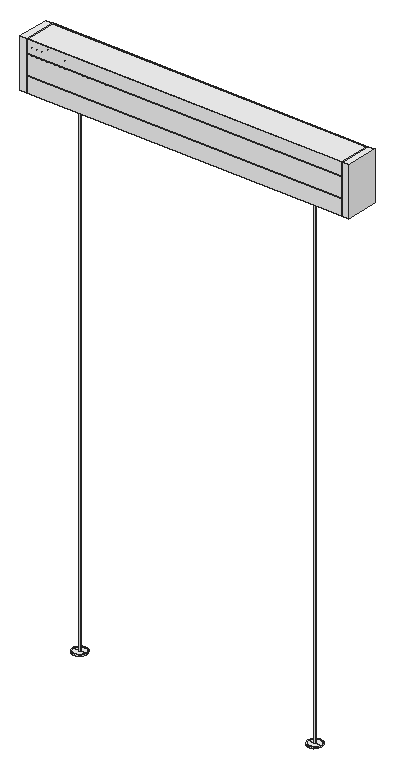
Revit family "2.3 inch  MAGIC WALL WASH LINEAR LIGHT", category Lighting Fixtures, host Face, Revit 2020 (continued)
Types (17): name | Wattage Comments | Wattage | Wall Mount | Suspenders Distance | Surface Mount | Recessed Mount | Photometric Web File | Pendent Mount | Order number | built-in parameter 1150142 | Model | built-in parameter 1150105 | Lumens | Light Source Height | Light Source Distance | built-in parameter 1150106 | Fixture Length
  MAG1223-SW1-WM-WID-FDL | "20W/30W/40W" | 30.9677 W | yes | 3' - 5" | no | no | "MAG1223_SW1_FDL_DOWN100_4000K_wall_wash.IES" | no | "18368" | "IESNA:LM-63-2002\r\n[TEST] 1\r\n[TESTLAB] EVERFINE\r\n[TESTDATE] 2024-04-01\r\n[ISSUEDATE] 2024-04-01 13:34:23\r\n[NEARFIELD] \r\n[LAMPPOSITION] 0,0\r\n[OTHER] EVERFINE GO-2000B_V1 SYSTEM\r\n[MANUFAC] Aboveall lighting\r\n[LUMINAIRE] MAG1223-SW1-FDL DOWN100 4000K wall wash\r\n[OTHER] \r\n[OTHER] Gamma(deg)    Fz(lm)      Ft(lm)     %Lum    %Lamp\r\n[OTHER]   0- 10       167.95      167.95     3.72     3.72\r\n[OTHER]  10- 20       474.91      642.86    14.25    14.25\r\n[OTHER]  20- 30       707.42     1350.28    29.93    29.93\r\n[OTHER]  30- 40       842.39     2192.67    48.60    48.60\r\n[OTHER]  40- 50       840.60     3033.27    67.23    67.23\r\n[OTHER]  50- 60       688.20     3721.47    82.49    82.49\r\n[OTHER]  60- 70       459.05     4180.52    92.66    92.66\r\n[OTHER]  70- 80       234.51     4415.03    97.86    97.86\r\n[OTHER]  80- 90        72.72     4487.75    99.47    99.47\r\n[OTHER]  90-100         5.55     4493.30    99.59    99.59\r\n[OTHER] 100-110         3.22     4496.51    99.66    99.66\r\n[OTHER] 110-120         3.24     4499.76    99.74    99.74\r\n[OTHER] 120-130         3.07     4502.83    99.80    99.80\r\n[OTHER] 130-140         2.88     4505.71    99.87    99.87\r\n[OTHER] 140-150         2.49     4508.20    99.92    99.92\r\n[OTHER] 150-160         1.88     4510.09    99.97    99.97\r\n[OTHER] 160-170         1.17     4511.25    99.99    99.99\r\n[OTHER] 170-180         0.39     4511.65   100.00   100.00\r\n[OTHER] \r\nTILT=NONE\r\n1 -1 1 361 73 1 2 0.060 1.200 0.000\r\n1.000 1 40.2\r\n0.0    0.5    1.0    1.5    2.0    2.5    3.0    3.5    4.0    4.5    \r\n 5.0    5.5    6.0    6.5    7.0    7.5    8.0    8.5    9.0    9.5    \r\n 10.0   10.5   11.0   11.5   12.0   12.5   13.0   13.5   14.0   14.5   \r\n 15.0   15.5   16.0   16.5   17.0   17.5   18.0   18.5   19.0   19.5   \r\n 20.0   20.5   21.0   21.5   22.0   22.5   23.0   23.5   24.0   24.5   \r\n 25.0   25.5   26.0   26.5   27.0   27.5   28.0   28.5   29.0   29.5   \r\n 30.0   30.5   31.0   31.5   32.0   32.5   33.0   33.5   34.0   34.5   \r\n 35.0   35.5   36.0   36.5   37.0   37.5   38.0   38.5   39.0   39.5   \r\n 40.0   40.5   41.0   41.5   42.0   42.5   43.0   43.5   44.0   44.5   \r\n 45.0   45.5   46.0   46.5   47.0   47.5   48.0   48.5   49.0   49.5   \r\n 50.0   50.5   51.0   51.5   52.0   52.5   53.0   53.5   54.0   54.5   \r\n 55.0   55.5   56.0   56.5   57.0   57.5   58.0   58.5   59.0   59.5   \r\n 60.0   60.5   61.0   61.5   62.0   62.5   63.0   63.5   64.0   64.5   \r\n 65.0   65.5   66.0   66.5   67.0   67.5   68.0   68.5   69.0   69.5   \r\n 70.0   70.5   71.0   71.5   72.0   72.5   73.0   73.5   74.0   74.5   \r\n 75.0   75.5   76.0   76.5   77.0   77.5   78.0   78.5   79.0   79.5   \r\n 80.0   80.5   81.0   81.5   82.0   82.5   83.0   83.5   84.0   84.5   \r\n 85.0   85.5   86.0   86.5   87.0   87.5   88.0   88.5   89.0   89.5   \r\n 90.0   90.5   91.0   91.5   92.0   92.5   93.0   93.5   94.0   94.5   \r\n 95.0   95.5   96.0   96.5   97.0   97.5   98.0   98.5   99.0   99.5   \r\n 100.0  100.5  101.0  101.5  102.0  102.5  103.0  103.5  104.0  104.5  \r\n 105.0  105.5  106.0  106.5  107.0  107.5  108.0  108.5  109.0  109.5  \r\n 110.0  110.5  111.0  111.5  112.0  112.5  113.0  113.5  114.0  114.5  \r\n 115.0  115.5  116.0  116.5  117.0  117.5  118.0  118.5  119.0  119.5  \r\n 120.0  120.5  121.0  121.5  122.0  122.5  123.0  123.5  124.0  124.5  \r\n 125.0  125.5  126.0  126.5  127.0  127.5  128.0  128.5  129.0  129.5  \r\n 130.0  130.5  131.0  131.5  132.0  132.5  133.0  133.5  134.0  134.5  \r\n 135.0  135.5  136.0  136.5  137.0  137.5  138.0  138.5  139.0  139.5  \r\n 140.0  140.5  141.0  141.5  142.0  142.5  143.0  143.5  144.0  144.5  \r\n 145.0  145.5  146.0  146.5  147.0  147.5  148.0  148.5  149.0  149.5  \r\n 150.0  150.5  151.0  151.5  152.0  152.5  153.0  153.5  154.0  154.5  \r\n 155.0  155.5  156.0  156.5  157.0  157.5  158.0  158.5  159.0  159.5  \r\n 160.0  160.5  161.0  161.5  162.0  162.5  163.0  163.5  164.0  164.5  \r\n 165.0  165.5  166.0  166.5  167.0  167.5  168.0  168.5  169.0  169.5  \r\n 170.0  170.5  171.0  171.5  172.0  172.5  173.0  173.5  174.0  174.5  \r\n 175.0  175.5  176.0  176.5  177.0  177.5  178.0  178.5  179.0  179.5  \r\n 180.0  \r\n0.0    5.0    10.0   15.0   20.0   25.0   30.0   35.0   40.0   45.0   \r\n 50.0   55.0   60.0   65.0   70.0   75.0   80.0   85.0   90.0   95.0   \r\n 100.0  105.0  110.0  115.0  120.0  125.0  130.0  135.0  140.0  145.0  \r\n 150.0  155.0  160.0  165.0  170.0  175.0  180.0  185.0  190.0  195.0  \r\n 200.0  205.0  210.0  215.0  220.0  225.0  230.0  235.0  240.0  245.0  \r\n 250.0  255.0  260.0  265.0  270.0  275.0  280.0  285.0  290.0  295.0  \r\n 300.0  305.0  310.0  315.0  320.0  325.0  330.0  335.0  340.0  345.0  \r\n 350.0  355.0  360.0  \r\n1793.11  1790.13  1787.15  1784.17  1781.19  1778.20  1775.22  1772.24  1769.26  1766.28  \r\n 1763.30  1760.32  1757.34  1754.36  1751.38  1748.40  1745.42  1742.44  1739.46  1736.48  \r\n 1733.49  1730.51  1727.53  1724.55  1721.57  1718.59  1715.61  1712.63  1709.65  1706.67  \r\n 1703.69  1695.24  1686.79  1678.34  1669.89  1661.44  1652.99  1644.54  1636.08  1627.63  \r\n 1619.18  1610.73  1602.28  1593.83  1585.38  1576.93  1568.48  1560.03  1551.58  1543.13  \r\n 1534.68  1526.23  1517.78  1509.33  1500.88  1492.43  1483.98  1475.53  1467.08  1458.63  \r\n 1450.18  1437.66  1425.14  1412.62  1400.10  1387.59  1375.07  1362.55  1350.03  1337.51  \r\n 1324.99  1312.47  1299.96  1287.44  1274.92  1262.40  1249.88  1237.36  1224.85  1212.33  \r\n 1199.81  1187.29  1174.77  1162.25  1149.73  1137.22  1124.70  1112.18  1099.66  1087.14  \r\n 1074.62  1059.58  1044.53  1029.48  1014.43  999.38   984.34   969.29   954.24   939.19   \r\n 924.15   909.10   894.05   879.00   863.95   848.91   833.86   818.81   803.76   788.72   \r\n 773.67   758.62   743.57   728.52   713.48   698.43   683.38   668.33   653.28   638.24   \r\n 623.19   610.10   597.01   583.92   570.83   557.75   544.66   531.57   518.48   505.39   \r\n 492.30   479.21   466.12   453.03   439.95   426.86   413.77   400.68   387.59   374.50   \r\n 361.41   348.32   335.24   322.15   309.06   295.97   282.88   269.79   256.70   243.61   \r\n 230.53   222.94   215.36   207.77   200.19   192.60   185.02   177.43   169.85   162.26   \r\n 154.68   147.09   139.51   131.92   124.34   116.75   109.17   101.58   94.00    86.41    \r\n 78.83    71.24    63.66    56.07    48.49    40.91    33.32    25.74    18.15    10.57    \r\n 2.98     2.99     3.01     3.02     3.03     3.04     3.06     3.07     3.08     3.09     \r\n 3.11     3.12     3.13     3.14     3.16     3.17     3.18     3.19     3.21     3.22     \r\n 3.23     3.24     3.26     3.27     3.28     3.29     3.31     3.32     3.33     3.34     \r\n 3.36     3.40     3.44     3.47     3.51     3.55     3.59     3.63     3.67     3.71     \r\n 3.75     3.79     3.83     3.87     3.91     3.95     3.99     4.03     4.06     4.10     \r\n 4.14     4.18     4.22     4.26     4.30     4.34     4.38     4.42     4.46     4.50     \r\n 4.54     4.56     4.58     4.60     4.62     4.64     4.66     4.69     4.71     4.73     \r\n 4.75     4.77     4.79     4.81     4.83     4.86     4.88     4.90     4.92     4.94     \r\n 4.96     4.98     5.00     5.03     5.05     5.07     5.09     5.11     5.13     5.15     \r\n 5.17     5.16     5.16     5.15     5.14     5.13     5.12     5.11     5.10     5.10     \r\n 5.09     5.08     5.07     5.06     5.05     5.04     5.04     5.03     5.02     5.01     \r\n 5.00     4.99     4.98     4.97     4.97     4.96     4.95     4.94     4.93     4.92     \r\n 4.91     4.90     4.88     4.86     4.84     4.83     4.81     4.79     4.77     4.76     \r\n 4.74     4.72     4.70     4.69     4.67     4.65     4.63     4.62     4.60     4.58     \r\n 4.56     4.55     4.53     4.51     4.49     4.48     4.46     4.44     4.42     4.41     \r\n 4.39     4.39     4.38     4.38     4.37     4.37     4.36     4.36     4.36     4.35     \r\n 4.35     4.34     4.34     4.33     4.33     4.33     4.32     4.32     4.31     4.31     \r\n 4.30     4.30     4.30     4.29     4.29     4.28     4.28     4.27     4.27     4.27     \r\n 4.26     \r\n1793.11  1791.39  1789.66  1787.93  1786.20  1784.45  1782.71  1780.96  1779.20  1777.43  \r\n 1775.67  1773.89  1772.11  1770.32  1768.53  1766.73  1764.92  1763.11  1761.29  1759.47  \r\n 1757.63  1755.79  1753.95  1752.09  1750.19  1748.29  1746.38  1744.46  1742.55  1740.63  \r\n 1738.71  1731.96  1724.60  1717.23  1709.85  1702.45  1695.04  1687.61  1680.17  1672.71  \r\n 1665.24  1657.76  1650.26  1642.75  1635.22  1627.68  1620.12  1612.55  1605.00  1597.45  \r\n 1589.90  1582.34  1574.78  1567.22  1559.65  1552.08  1544.51  1536.93  1529.35  1521.76  \r\n 1514.17  1503.03  1491.05  1479.05  1467.03  1454.98  1442.93  1430.85  1418.75  1406.63  \r\n 1394.50  1382.35  1370.17  1357.98  1345.76  1333.48  1321.18  1308.87  1296.55  1284.23  \r\n 1271.89  1259.54  1247.18  1234.81  1222.43  1210.04  1197.64  1185.22  1172.80  1160.37  \r\n 1147.92  1133.26  1117.95  1102.63  1087.29  1071.93  1056.55  1041.16  1025.74  1010.31  \r\n 994.86   979.39   963.90   948.39   932.87   917.33   901.77   886.18   870.55   854.90   \r\n 839.23   823.55   807.85   792.13   776.39   760.64   744.86   729.08   713.27   697.45   \r\n 681.61   667.20   653.12   639.02   624.90   610.77   596.63   582.47   568.31   554.13   \r\n 539.93   525.73   511.51   497.28   483.04   468.79   454.52   440.25   425.96   411.67   \r\n 397.36   383.05   368.72   354.39   340.04   325.69   311.33   296.96   282.58   268.20   \r\n 253.80   244.91   236.69   228.46   220.23   211.99   203.75   195.50   187.25   179.00   \r\n 170.74   162.48   154.21   145.95   137.68   129.40   121.13   112.85   104.57   96.28    \r\n 88.00    79.71    71.42    63.13    54.84    46.55    38.26    29.96    21.67    13.37    \r\n 5.07     5.02     4.97     4.92     4.87     4.82     4.77     4.72     4.67     4.61     \r\n 4.56     4.51     4.46     4.41     4.35     4.30     4.25     4.20     4.15     4.10     \r\n 4.04     3.99     3.94     3.89     3.84     3.79     3.74     3.69     3.64     3.59     \r\n 3.54     3.58     3.61     3.64     3.67     3.70     3.73     3.77     3.80     3.83     \r\n 3.86     3.90     3.93     3.96     3.99     4.02     4.06     4.09     4.12     4.15     \r\n 4.19     4.22     4.25     4.29     4.32     4.35     4.39     4.42     4.45     4.49     \r\n 4.52     4.53     4.54     4.55     4.56     4.57     4.59     4.60     4.61     4.62     \r\n 4.64     4.65     4.66     4.67     4.69     4.70     4.72     4.73     4.75     4.76     \r\n 4.77     4.79     4.80     4.82     4.83     4.85     4.86     4.88     4.90     4.91     \r\n 4.92     4.91     4.90     4.88     4.87     4.86     4.85     4.84     4.82     4.81     \r\n 4.80     4.79     4.78     4.77     4.75     4.74     4.73     4.72     4.71     4.70     \r\n 4.69     4.68     4.67     4.66     4.65     4.64     4.63     4.62     4.61     4.60     \r\n 4.59     4.57     4.56     4.54     4.53     4.51     4.50     4.49     4.47     4.46     \r\n 4.44     4.43     4.41     4.40     4.39     4.37     4.36     4.35     4.34     4.33     \r\n 4.31     4.30     4.29     4.28     4.27     4.26     4.25     4.24     4.23     4.22     \r\n 4.21     4.21     4.21     4.21     4.22     4.22     4.22     4.22     4.22     4.23     \r\n 4.23     4.23     4.23     4.23     4.23     4.23     4.24     4.24     4.24     4.24     \r\n 4.24     4.24     4.25     4.25     4.25     4.25     4.25     4.26     4.26     4.26     \r\n 4.26     \r\n1793.11  1792.66  1792.20  1791.74  1791.26  1790.77  1790.27  1789.76  1789.24  1788.71  \r\n 1788.17  1787.61  1786.98  1786.26  1785.54  1784.81  1784.08  1783.35  1782.62  1781.88  \r\n 1781.13  1780.39  1779.63  1778.87  1778.00  1777.11  1776.20  1775.29  1774.38  1773.46  \r\n 1772.54  1768.57  1762.20  1755.82  1749.44  1743.05  1736.55  1730.02  1723.48  1716.91  \r\n 1710.33  1703.74  1697.12  1690.49  1683.83  1677.16  1670.48  1663.77  1656.99  1650.17  \r\n 1643.32  1636.45  1629.56  1622.64  1615.71  1608.75  1601.77  1594.77  1587.74  1580.70  \r\n 1573.63  1565.48  1553.96  1542.40  1530.83  1519.22  1507.60  1495.94  1484.27  1472.56  \r\n 1460.84  1449.08  1437.30  1425.50  1413.67  1401.76  1389.82  1377.86  1365.87  1353.86  \r\n 1341.83  1329.77  1317.69  1305.59  1293.46  1281.31  1269.14  1256.95  1244.73  1232.48  \r\n 1220.21  1207.51  1191.88  1176.22  1160.53  1144.79  1129.02  1113.21  1097.37  1081.49  \r\n 1065.58  1049.63  1033.64  1017.62  1001.57  985.48   969.36   953.21   937.02   920.81   \r\n 904.57   888.31   872.02   855.71   839.36   823.00   806.60   790.19   773.74   757.28   \r\n 740.79   724.65   709.65   694.62   679.56   664.45   649.32   634.14   618.94   603.68   \r\n 588.37   573.02   557.65   542.25   526.82   511.36   495.87   480.36   464.82   449.26   \r\n 433.67   418.06   402.43   386.77   371.09   355.39   339.67   323.93   308.17   292.40   \r\n 276.60   264.74   255.91   247.09   238.26   229.42   220.58   211.74   202.90   194.05   \r\n 185.20   176.34   167.49   158.63   149.77   140.90   132.04   123.17   114.30   105.43   \r\n 96.56    87.68    78.80    69.93    61.05    52.17    43.28    34.40    25.52    16.63    \r\n 7.75     7.61     7.47     7.33     7.20     7.06     6.92     6.78     6.64     6.50     \r\n 6.36     6.22     6.08     5.94     5.80     5.66     5.52     5.38     5.24     5.10     \r\n 4.96     4.83     4.69     4.55     4.42     4.28     4.15     4.01     3.88     3.75     \r\n 3.69     3.72     3.76     3.79     3.83     3.87     3.90     3.94     3.97     4.01     \r\n 4.04     4.08     4.11     4.15     4.18     4.22     4.25     4.29     4.32     4.35     \r\n 4.39     4.42     4.46     4.49     4.53     4.56     4.60     4.63     4.67     4.70     \r\n 4.71     4.72     4.72     4.73     4.73     4.73     4.74     4.74     4.75     4.75     \r\n 4.76     4.76     4.76     4.77     4.77     4.78     4.78     4.78     4.79     4.79     \r\n 4.80     4.80     4.81     4.81     4.81     4.82     4.82     4.83     4.84     4.84     \r\n 4.82     4.81     4.79     4.77     4.75     4.73     4.71     4.70     4.68     4.66     \r\n 4.65     4.63     4.62     4.60     4.59     4.57     4.56     4.54     4.53     4.52     \r\n 4.50     4.49     4.48     4.47     4.46     4.45     4.43     4.42     4.41     4.40     \r\n 4.39     4.38     4.36     4.35     4.34     4.33     4.31     4.30     4.29     4.28     \r\n 4.26     4.25     4.24     4.23     4.21     4.20     4.19     4.18     4.16     4.15     \r\n 4.14     4.13     4.12     4.11     4.09     4.08     4.07     4.06     4.05     4.04     \r\n 4.04     4.05     4.05     4.06     4.06     4.06     4.07     4.07     4.08     4.09     \r\n 4.10     4.11     4.12     4.13     4.13     4.14     4.15     4.16     4.17     4.17     \r\n 4.18     4.19     4.20     4.20     4.21     4.22     4.23     4.24     4.24     4.25     \r\n 4.26     \r\n1793.11  1793.94  1794.75  1795.55  1796.34  1797.11  1797.86  1798.60  1799.26  1799.73  \r\n 1800.19  1800.65  1801.11  1801.56  1802.01  1802.45  1802.79  1803.02  1803.25  1803.47  \r\n 1803.68  1803.89  1804.10  1804.30  1804.39  1804.43  1804.47  1804.51  1804.54  1804.57  \r\n 1804.60  1804.62  1799.20  1793.68  1788.13  1782.55  1776.93  1771.29  1765.62  1759.91  \r\n 1754.07  1748.15  1742.21  1736.26  1730.29  1724.29  1718.28  1712.25  1706.16  1699.97  \r\n 1693.76  1687.53  1681.28  1675.01  1668.72  1662.41  1656.09  1649.68  1643.25  1636.79  \r\n 1630.31  1623.82  1616.10  1605.04  1593.95  1582.82  1571.46  1560.07  1548.65  1537.21  \r\n 1525.74  1514.25  1502.73  1491.19  1479.62  1468.08  1456.53  1444.94  1433.30  1421.61  \r\n 1409.88  1398.09  1386.27  1374.40  1362.48  1350.38  1338.20  1326.01  1313.80  1301.56  \r\n 1289.31  1277.03  1264.68  1248.72  1232.71  1216.65  1200.57  1184.44  1168.26  1152.04  \r\n 1135.76  1119.44  1103.07  1086.66  1070.20  1053.69 
